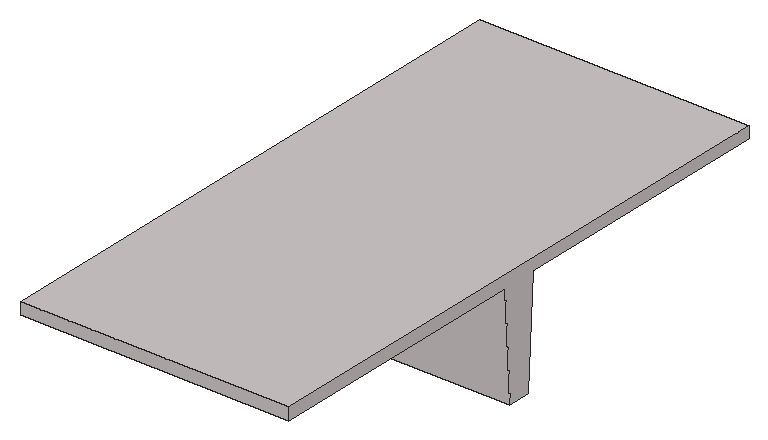
Revit family "M_T simples pré-moldado", category Quadro estrutural, Revit 2019
Family settings
  Exibir em vistas ocultas = Arestas ocultadas pela própria viga
  Arredondamento do comprimento do framing estrutural = 0 mm
  Forma do corte = Não definido
  Material para o comportamento do modelo = Concreto pré-moldado
  Exportar sempre como geometria = Não
  Número OmniClass = 23.25.30.11.14.14
  Título OmniClass = Beams
  ID de item do Seek = Precast-Single Tee-0000-CAN-ENU
  Sempre na vertical = Sim
  Corte com vazios quando carregada = Não
  Representação simbólica = Da família
  Compartilhado = Não
  Exibir o pré-corte da família na vista da planta = Sim
Parameters (values of type "2400 x 500mm")
  Structural Material [instance] = Concreto - Concreto pré-moldado - 35 MPa
  Assembly Code = ""
  Linear = 500 mm
  Length [instance] = 1524 mm
  Profundidade da laje = 51 mm
  Largura do tronco = 95 mm
  Largura = 2400 mm
Types (3, lengths in mm): name | Linear
  (no name) | 500
  2400 x 450mm | 450
  2400 x 500mm | 500
Reference planes
  plane 1 "Centro (Frente/Trás)": y = 0
  plane 2: z = 0
  plane 3 "Centro (Esquerda/Direita)": x = 4.61
  plane 4 "Membro esquerdo": x = -557.39
  plane 5 "Membro direito": x = 566.61
  plane 6: y = 1200
  plane 7: y = -1200
  plane 8: z = 250
  plane 9 "Inferior": z = -250
  plane 10 "Esquerda": x = -757.39
  plane 11 "Direita": x = 766.61
Forms (mm)
  Sweep 1, solid, material "Concreto - Concreto pré-moldado - 35 MPa" <- "Structural Material"
    path origin (0, 0, 0) x (1, 0, 0) y (0, 1, 0)
      loop
        line (566.61, 0) -> (-557.39, 0)
    profile "M_Tirante simples-Perfil : M_Tirante simples-Perfil" origin (4.61, 0, 0) x (0, -1, 0) y (0, 0, 1)
      loop
        line (-1200, 199) -> (-72.9, 199) -> (-47.5, -250) -> (47.5, -250) -> (72.9, 199) -> (1200, 199) -> (1200, 250) -> (-1200, 250) -> (-1200, 199)
Lines and regions (mm)
  symbolic lines, style "Faces ocultas", detail levels medium+fine
    curve 1: line (-557.39, -47.5, -250) -> (566.61, -47.5, -250)
    curve 2: line (-557.39, 47.5, -250) -> (566.61, 47.5, -250)
Dimensions and locks
  "Largura": plane 6 to plane 7
  equal spacing: plane 9 "Inferior", plane 2, plane 8
  equal spacing: plane 6, plane 1 "Centro (Frente/Trás)", plane 7
  "Linear": plane 9 "Inferior" to plane 8
  "Length": plane 10 "Esquerda" to plane 11 "Direita"
  "Largura do tronco": curve 1 to curve 2
  equal spacing: curve 1, plane 1 "Centro (Frente/Trás)", curve 2
  aligned and locked: plane 1 "Centro (Frente/Trás)" to Sweep 1 sketch curve
  aligned and locked: curve 2 to curve 1
  aligned and locked: plane 4 "Membro esquerdo" to Sweep 1 sketch curve
  aligned and locked: plane 5 "Membro direito" to Sweep 1 sketch curve
  aligned and locked: plane 4 "Membro esquerdo" to curve 2
  aligned and locked: plane 4 "Membro esquerdo" to curve 1
  aligned and locked: plane 5 "Membro direito" to curve 1
